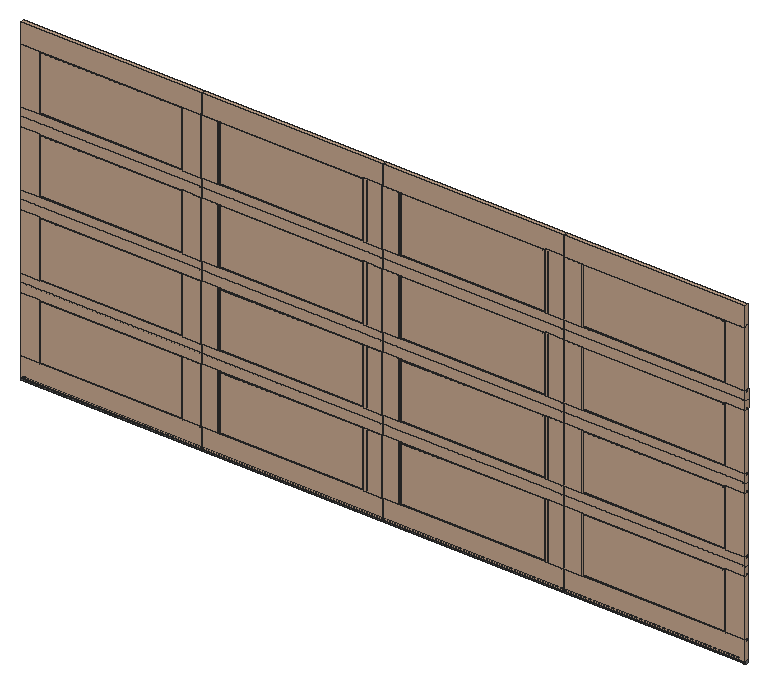
Revit family "GDBL 4V ARCBRN2", category Doors, host Wall, Revit 2024
Family settings
  Host = Wall
  OmniClass Number = 23.30.10.00
  OmniClass Title = Doors
  Always vertical = Yes
  Cut with Voids When Loaded = No
  Shared = No
  Room Calculation Point = No
Parameters
  Wall Opening [instance] = 4880 mm
  Function = Interior
  Frame Projection Ext. = 25 mm
  Frame Projection Int. = 25 mm
  Frame Width = 75 mm
  Height = 2135 mm
  Wall Closure = By host
  Width = 4880 mm
Reference planes
  plane 1: y = 0
  plane 2 "Center (Left/Right)": x = 0
  plane 3: z = 2135
  plane 4 "Exterior": y = 75
  plane 5 "Interior": y = -75
  plane 6 "Garage Bottom": y = 75
  plane 7 "Garage Left": x = 2470
  plane 8 "Garage Right": x = -2470
  plane 9: z = 19.954
  plane 10 "Garage Top": z = 2190
Forms (mm)
  Extrusion 1, solid, material "VERSAWOOD (TEST 2)"
    sketch origin (0, -40, 2189.454) x (0, -1, 0) y (0, 0, -1)
      loop
        line (75, 2169.454) -> (75, 2039.454) -> (80, 2039.454) -> (80, 2054.454) -> (90, 2054.454) -> (100, 2054.454) -> (100, 2039.454) -> (105, 2039.454) -> (105, 2169.454) -> (75, 2169.454)
    from -2470 to -1235
  Extrusion 2, solid, material "VERSAWOOD (TEST 2)"
    sketch origin (0, -40, 20.546) x (0, -1, 0) y (0, 0, -1)
      loop
        line (75, -2169.454) -> (105, -2169.454) -> (105, -2039.454) -> (100, -2039.454) -> (100, -2054.454) -> (90, -2054.454) -> (80, -2054.454) -> (80, -2039.454) -> (75, -2039.454) -> (75, -2169.454)
    from -2470 to -1235
  Extrusion 3, solid, material "VERSAWOOD (TEST)"
    sketch origin (2744.172, 260, 2019.5) x (0, -1, 0) y (-1, 0, 0)
      loop
        line (375, 274.172) -> (405, 274.172) -> (405, 404.172) -> (400, 404.172) -> (400, 389.172) -> (390, 389.172) -> (380, 389.172) -> (380, 404.172) -> (375, 404.172) -> (375, 274.172)
      loop
        line (375, 5214.172) -> (375, 5084.172) -> (380, 5084.172) -> (380, 5099.172) -> (390, 5099.172) -> (400, 5099.172) -> (400, 5084.172) -> (405, 5084.172) -> (405, 5214.172) -> (375, 5214.172)
      loop
        line (375, 3977.172) -> (375, 3854.172) -> (380, 3854.172) -> (380, 3869.172) -> (390, 3869.172) -> (400, 3869.172) -> (400, 3854.172) -> (405, 3854.172) -> (405, 3977.172) -> (403, 3979.172) -> (405, 3981.172) -> (405, 4104.172) -> (400, 4104.172) -> (400, 4089.172) -> (390, 4089.172) -> (380, 4089.172) -> (380, 4104.172) -> (375, 4104.172) -> (375, 3981.172) -> (377, 3979.172) -> (375, 3977.172)
      loop
        line (375, 2742.172) -> (375, 2619.172) -> (380, 2619.172) -> (380, 2634.172) -> (390, 2634.172) -> (400, 2634.172) -> (400, 2619.172) -> (405, 2619.172) -> (405, 2742.172) -> (403, 2744.172) -> (405, 2746.172) -> (405, 2869.172) -> (400, 2869.172) -> (400, 2854.172) -> (390, 2854.172) -> (380, 2854.172) -> (380, 2869.172) -> (375, 2869.172) -> (375, 2746.172) -> (377, 2744.172) -> (375, 2742.172)
      loop
        line (375, 1507.172) -> (375, 1384.172) -> (380, 1384.172) -> (380, 1399.172) -> (390, 1399.172) -> (400, 1399.172) -> (400, 1384.172) -> (405, 1384.172) -> (405, 1507.172) -> (403, 1509.172) -> (405, 1511.172) -> (405, 1634.172) -> (400, 1634.172) -> (400, 1619.172) -> (390, 1619.172) -> (380, 1619.172) -> (380, 1634.172) -> (375, 1634.172) -> (375, 1511.172) -> (377, 1509.172) -> (375, 1507.172)
    from -40.5 to 346
  Extrusion 4, solid, material "VERSAWOOD (TEST 2)"
    sketch origin (0, -40, -85.457) x (0, -1, 0) y (0, 0, -1)
      loop
        line (80, -1743.957) -> (100, -1743.957) -> (100, -1758.957) -> (105, -1758.957) -> (105, -1702.957) -> (103, -1702.957)
        arc (103, -1702.957) -> (102.106, -1702.832) -> (101.279, -1702.468) r 3.273
        line (101.279, -1702.468) -> (89.127, -1694.957) -> (75, -1694.957) -> (75, -1758.957) -> (80, -1758.957) -> (80, -1743.957)
      loop
        line (80, -1652.957) -> (80, -1637.957) -> (75, -1637.957) -> (75, -1693.957) -> (88.766, -1693.957)
        arc (88.766, -1693.957) -> (89.387, -1694.043) -> (89.961, -1694.296) r 2.273
        line (89.961, -1694.296) -> (101.805, -1701.617)
        arc (101.805, -1701.617) -> (102.379, -1701.87) -> (103, -1701.957) r 2.273
        line (103, -1701.957) -> (105, -1701.957) -> (105, -1637.957) -> (100, -1637.957) -> (100, -1652.957) -> (80, -1652.957)
    from -2470 to -1235
  Extrusion 5, solid, material "VERSAWOOD (TEST 2)"
    sketch origin (1235, -40, 20.546) x (0, -1, 0) y (0, 0, -1)
      loop
        line (75, -2169.454) -> (105, -2169.454) -> (105, -2039.454) -> (100, -2039.454) -> (100, -2054.454) -> (90, -2054.454) -> (80, -2054.454) -> (80, -2039.454) -> (75, -2039.454) -> (75, -2169.454)
    from -2470 to -1235
  Extrusion 6, solid, material "VERSAWOOD (TEST 2)"
    sketch origin (1235, -40, -85.457) x (0, -1, 0) y (0, 0, -1)
      loop
        line (80, -1743.957) -> (100, -1743.957) -> (100, -1758.957) -> (105, -1758.957) -> (105, -1702.957) -> (103, -1702.957)
        arc (103, -1702.957) -> (102.106, -1702.832) -> (101.279, -1702.468) r 3.273
        line (101.279, -1702.468) -> (89.127, -1694.957) -> (75, -1694.957) -> (75, -1758.957) -> (80, -1758.957) -> (80, -1743.957)
      loop
        line (80, -1652.957) -> (80, -1637.957) -> (75, -1637.957) -> (75, -1693.957) -> (88.766, -1693.957)
        arc (88.766, -1693.957) -> (89.387, -1694.043) -> (89.961, -1694.296) r 2.273
        line (89.961, -1694.296) -> (101.805, -1701.617)
        arc (101.805, -1701.617) -> (102.379, -1701.87) -> (103, -1701.957) r 2.273
        line (103, -1701.957) -> (105, -1701.957) -> (105, -1637.957) -> (100, -1637.957) -> (100, -1652.957) -> (80, -1652.957)
    from -2470 to -1235
  Extrusion 7, solid, material "VERSAWOOD (TEST 2)"
    sketch origin (2471, -40, 20.546) x (0, -1, 0) y (0, 0, -1)
      loop
        line (75, -2169.454) -> (105, -2169.454) -> (105, -2039.454) -> (100, -2039.454) -> (100, -2054.454) -> (90, -2054.454) -> (80, -2054.454) -> (80, -2039.454) -> (75, -2039.454) -> (75, -2169.454)
    from -2471 to -1236
  Extrusion 8, solid, material "VERSAWOOD (TEST 2)"
    sketch origin (2471, -40, -85.457) x (0, -1, 0) y (0, 0, -1)
      loop
        line (80, -1743.957) -> (100, -1743.957) -> (100, -1758.957) -> (105, -1758.957) -> (105, -1702.957) -> (103, -1702.957)
        arc (103, -1702.957) -> (102.106, -1702.832) -> (101.279, -1702.468) r 3.273
        line (101.279, -1702.468) -> (89.127, -1694.957) -> (75, -1694.957) -> (75, -1758.957) -> (80, -1758.957) -> (80, -1743.957)
      loop
        line (80, -1652.957) -> (80, -1637.957) -> (75, -1637.957) -> (75, -1693.957) -> (88.766, -1693.957)
        arc (88.766, -1693.957) -> (89.387, -1694.043) -> (89.961, -1694.296) r 2.273
        line (89.961, -1694.296) -> (101.805, -1701.617)
        arc (101.805, -1701.617) -> (102.379, -1701.87) -> (103, -1701.957) r 2.273
        line (103, -1701.957) -> (105, -1701.957) -> (105, -1637.957) -> (100, -1637.957) -> (100, -1652.957) -> (80, -1652.957)
    from -2471 to -1236
  Extrusion 9, solid, material "VERSAWOOD (TEST 2)"
    sketch origin (3700, -40, 20.546) x (0, -1, 0) y (0, 0, -1)
      loop
        line (75, -2169.454) -> (105, -2169.454) -> (105, -2039.454) -> (100, -2039.454) -> (100, -2054.454) -> (90, -2054.454) -> (80, -2054.454) -> (80, -2039.454) -> (75, -2039.454) -> (75, -2169.454)
    from -2465 to -1230
  Extrusion 10, solid, material "VERSAWOOD (TEST 2)"
    sketch origin (3700, -40, -85.457) x (0, -1, 0) y (0, 0, -1)
      loop
        line (80, -1743.957) -> (100, -1743.957) -> (100, -1758.957) -> (105, -1758.957) -> (105, -1702.957) -> (103, -1702.957)
        arc (103, -1702.957) -> (102.106, -1702.832) -> (101.279, -1702.468) r 3.273
        line (101.279, -1702.468) -> (89.127, -1694.957) -> (75, -1694.957) -> (75, -1758.957) -> (80, -1758.957) -> (80, -1743.957)
      loop
        line (80, -1652.957) -> (80, -1637.957) -> (75, -1637.957) -> (75, -1693.957) -> (88.766, -1693.957)
        arc (88.766, -1693.957) -> (89.387, -1694.043) -> (89.961, -1694.296) r 2.273
        line (89.961, -1694.296) -> (101.805, -1701.617)
        arc (101.805, -1701.617) -> (102.379, -1701.87) -> (103, -1701.957) r 2.273
        line (103, -1701.957) -> (105, -1701.957) -> (105, -1637.957) -> (100, -1637.957) -> (100, -1652.957) -> (80, -1652.957)
    from -2465 to -1230
  Extrusion 11, solid, material "VERSAWOOD (TEST)"
    sketch origin (2744.172, 260, 1512) x (0, -1, 0) y (-1, 0, 0)
      loop
        line (375, 274.172) -> (405, 274.172) -> (405, 404.172) -> (400, 404.172) -> (400, 389.172) -> (390, 389.172) -> (380, 389.172) -> (380, 404.172) -> (375, 404.172) -> (375, 274.172)
      loop
        line (375, 5214.172) -> (375, 5084.172) -> (380, 5084.172) -> (380, 5099.172) -> (390, 5099.172) -> (400, 5099.172) -> (400, 5084.172) -> (405, 5084.172) -> (405, 5214.172) -> (375, 5214.172)
      loop
        line (375, 3977.172) -> (375, 3854.172) -> (380, 3854.172) -> (380, 3869.172) -> (390, 3869.172) -> (400, 3869.172) -> (400, 3854.172) -> (405, 3854.172) -> (405, 3977.172) -> (403, 3979.172) -> (405, 3981.172) -> (405, 4104.172) -> (400, 4104.172) -> (400, 4089.172) -> (390, 4089.172) -> (380, 4089.172) -> (380, 4104.172) -> (375, 4104.172) -> (375, 3981.172) -> (377, 3979.172) -> (375, 3977.172)
      loop
        line (375, 2742.172) -> (375, 2619.172) -> (380, 2619.172) -> (380, 2634.172) -> (390, 2634.172) -> (400, 2634.172) -> (400, 2619.172) -> (405, 2619.172) -> (405, 2742.172) -> (403, 2744.172) -> (405, 2746.172) -> (405, 2869.172) -> (400, 2869.172) -> (400, 2854.172) -> (390, 2854.172) -> (380, 2854.172) -> (380, 2869.172) -> (375, 2869.172) -> (375, 2746.172) -> (377, 2744.172) -> (375, 2742.172)
      loop
        line (375, 1507.172) -> (375, 1384.172) -> (380, 1384.172) -> (380, 1399.172) -> (390, 1399.172) -> (400, 1399.172) -> (400, 1384.172) -> (405, 1384.172) -> (405, 1507.172) -> (403, 1509.172) -> (405, 1511.172) -> (405, 1634.172) -> (400, 1634.172) -> (400, 1619.172) -> (390, 1619.172) -> (380, 1619.172) -> (380, 1634.172) -> (375, 1634.172) -> (375, 1511.172) -> (377, 1509.172) -> (375, 1507.172)
    from -40.5 to 346
  Extrusion 12, solid, material "VERSAWOOD (TEST 2)"
    sketch origin (0, -40, -592.957) x (0, -1, 0) y (0, 0, -1)
      loop
        line (80, -1743.957) -> (100, -1743.957) -> (100, -1758.957) -> (105, -1758.957) -> (105, -1702.957) -> (103, -1702.957)
        arc (103, -1702.957) -> (102.106, -1702.832) -> (101.279, -1702.468) r 3.273
        line (101.279, -1702.468) -> (89.127, -1694.957) -> (75, -1694.957) -> (75, -1758.957) -> (80, -1758.957) -> (80, -1743.957)
      loop
        line (80, -1652.957) -> (80, -1637.957) -> (75, -1637.957) -> (75, -1693.957) -> (88.766, -1693.957)
        arc (88.766, -1693.957) -> (89.387, -1694.043) -> (89.961, -1694.296) r 2.273
        line (89.961, -1694.296) -> (101.805, -1701.617)
        arc (101.805, -1701.617) -> (102.379, -1701.87) -> (103, -1701.957) r 2.273
        line (103, -1701.957) -> (105, -1701.957) -> (105, -1637.957) -> (100, -1637.957) -> (100, -1652.957) -> (80, -1652.957)
    from -2470 to -1235
  Extrusion 13, solid, material "VERSAWOOD (TEST 2)"
    sketch origin (1235, -40, -592.957) x (0, -1, 0) y (0, 0, -1)
      loop
        line (80, -1743.957) -> (100, -1743.957) -> (100, -1758.957) -> (105, -1758.957) -> (105, -1702.957) -> (103, -1702.957)
        arc (103, -1702.957) -> (102.106, -1702.832) -> (101.279, -1702.468) r 3.273
        line (101.279, -1702.468) -> (89.127, -1694.957) -> (75, -1694.957) -> (75, -1758.957) -> (80, -1758.957) -> (80, -1743.957)
      loop
        line (80, -1652.957) -> (80, -1637.957) -> (75, -1637.957) -> (75, -1693.957) -> (88.766, -1693.957)
        arc (88.766, -1693.957) -> (89.387, -1694.043) -> (89.961, -1694.296) r 2.273
        line (89.961, -1694.296) -> (101.805, -1701.617)
        arc (101.805, -1701.617) -> (102.379, -1701.87) -> (103, -1701.957) r 2.273
        line (103, -1701.957) -> (105, -1701.957) -> (105, -1637.957) -> (100, -1637.957) -> (100, -1652.957) -> (80, -1652.957)
    from -2470 to -1235
  Extrusion 14, solid, material "VERSAWOOD (TEST 2)"
    sketch origin (2471, -40, -592.957) x (0, -1, 0) y (0, 0, -1)
      loop
        line (80, -1743.957) -> (100, -1743.957) -> (100, -1758.957) -> (105, -1758.957) -> (105, -1702.957) -> (103, -1702.957)
        arc (103, -1702.957) -> (102.106, -1702.832) -> (101.279, -1702.468) r 3.273
        line (101.279, -1702.468) -> (89.127, -1694.957) -> (75, -1694.957) -> (75, -1758.957) -> (80, -1758.957) -> (80, -1743.957)
      loop
        line (80, -1652.957) -> (80, -1637.957) -> (75, -1637.957) -> (75, -1693.957) -> (88.766, -1693.957)
        arc (88.766, -1693.957) -> (89.387, -1694.043) -> (89.961, -1694.296) r 2.273
        line (89.961, -1694.296) -> (101.805, -1701.617)
        arc (101.805, -1701.617) -> (102.379, -1701.87) -> (103, -1701.957) r 2.273
        line (103, -1701.957) -> (105, -1701.957) -> (105, -1637.957) -> (100, -1637.957) -> (100, -1652.957) -> (80, -1652.957)
    from -2471 to -1236
  Extrusion 15, solid, material "VERSAWOOD (TEST 2)"
    sketch origin (3700, -40, -592.957) x (0, -1, 0) y (0, 0, -1)
      loop
        line (80, -1743.957) -> (100, -1743.957) -> (100, -1758.957) -> (105, -1758.957) -> (105, -1702.957) -> (103, -1702.957)
        arc (103, -1702.957) -> (102.106, -1702.832) -> (101.279, -1702.468) r 3.273
        line (101.279, -1702.468) -> (89.127, -1694.957) -> (75, -1694.957) -> (75, -1758.957) -> (80, -1758.957) -> (80, -1743.957)
      loop
        line (80, -1652.957) -> (80, -1637.957) -> (75, -1637.957) -> (75, -1693.957) -> (88.766, -1693.957)
        arc (88.766, -1693.957) -> (89.387, -1694.043) -> (89.961, -1694.296) r 2.273
        line (89.961, -1694.296) -> (101.805, -1701.617)
        arc (101.805, -1701.617) -> (102.379, -1701.87) -> (103, -1701.957) r 2.273
        line (103, -1701.957) -> (105, -1701.957) -> (105, -1637.957) -> (100, -1637.957) -> (100, -1652.957) -> (80, -1652.957)
    from -2465 to -1230
  Extrusion 16, solid, material "VERSAWOOD (TEST)"
    sketch origin (2744.172, 260, 1004) x (0, -1, 0) y (-1, 0, 0)
      loop
        line (375, 274.172) -> (405, 274.172) -> (405, 404.172) -> (400, 404.172) -> (400, 389.172) -> (390, 389.172) -> (380, 389.172) -> (380, 404.172) -> (375, 404.172) -> (375, 274.172)
      loop
        line (375, 5214.172) -> (375, 5084.172) -> (380, 5084.172) -> (380, 5099.172) -> (390, 5099.172) -> (400, 5099.172) -> (400, 5084.172) -> (405, 5084.172) -> (405, 5214.172) -> (375, 5214.172)
      loop
        line (375, 3977.172) -> (375, 3854.172) -> (380, 3854.172) -> (380, 3869.172) -> (390, 3869.172) -> (400, 3869.172) -> (400, 3854.172) -> (405, 3854.172) -> (405, 3977.172) -> (403, 3979.172) -> (405, 3981.172) -> (405, 4104.172) -> (400, 4104.172) -> (400, 4089.172) -> (390, 4089.172) -> (380, 4089.172) -> (380, 4104.172) -> (375, 4104.172) -> (375, 3981.172) -> (377, 3979.172) -> (375, 3977.172)
      loop
        line (375, 2742.172) -> (375, 2619.172) -> (380, 2619.172) -> (380, 2634.172) -> (390, 2634.172) -> (400, 2634.172) -> (400, 2619.172) -> (405, 2619.172) -> (405, 2742.172) -> (403, 2744.172) -> (405, 2746.172) -> (405, 2869.172) -> (400, 2869.172) -> (400, 2854.172) -> (390, 2854.172) -> (380, 2854.172) -> (380, 2869.172) -> (375, 2869.172) -> (375, 2746.172) -> (377, 2744.172) -> (375, 2742.172)
      loop
        line (375, 1507.172) -> (375, 1384.172) -> (380, 1384.172) -> (380, 1399.172) -> (390, 1399.172) -> (400, 1399.172) -> (400, 1384.172) -> (405, 1384.172) -> (405, 1507.172) -> (403, 1509.172) -> (405, 1511.172) -> (405, 1634.172) -> (400, 1634.172) -> (400, 1619.172) -> (390, 1619.172) -> (380, 1619.172) -> (380, 1634.172) -> (375, 1634.172) -> (375, 1511.172) -> (377, 1509.172) -> (375, 1507.172)
    from -41 to 346
  Extrusion 17, solid, material "VERSAWOOD (TEST 2)"
    sketch origin (0, -40, -1100.957) x (0, -1, 0) y (0, 0, -1)
      loop
        line (80, -1743.957) -> (100, -1743.957) -> (100, -1758.957) -> (105, -1758.957) -> (105, -1702.957) -> (103, -1702.957)
        arc (103, -1702.957) -> (102.106, -1702.832) -> (101.279, -1702.468) r 3.273
        line (101.279, -1702.468) -> (89.127, -1694.957) -> (75, -1694.957) -> (75, -1758.957) -> (80, -1758.957) -> (80, -1743.957)
      loop
        line (80, -1652.957) -> (80, -1637.957) -> (75, -1637.957) -> (75, -1693.957) -> (88.766, -1693.957)
        arc (88.766, -1693.957) -> (89.387, -1694.043) -> (89.961, -1694.296) r 2.273
        line (89.961, -1694.296) -> (101.805, -1701.617)
        arc (101.805, -1701.617) -> (102.379, -1701.87) -> (103, -1701.957) r 2.273
        line (103, -1701.957) -> (105, -1701.957) -> (105, -1637.957) -> (100, -1637.957) -> (100, -1652.957) -> (80, -1652.957)
    from -2470 to -1235
  Extrusion 18, solid, material "VERSAWOOD (TEST 2)"
    sketch origin (1235, -40, -1100.957) x (0, -1, 0) y (0, 0, -1)
      loop
        line (80, -1743.957) -> (100, -1743.957) -> (100, -1758.957) -> (105, -1758.957) -> (105, -1702.957) -> (103, -1702.957)
        arc (103, -1702.957) -> (102.106, -1702.832) -> (101.279, -1702.468) r 3.273
        line (101.279, -1702.468) -> (89.127, -1694.957) -> (75, -1694.957) -> (75, -1758.957) -> (80, -1758.957) -> (80, -1743.957)
      loop
        line (80, -1652.957) -> (80, -1637.957) -> (75, -1637.957) -> (75, -1693.957) -> (88.766, -1693.957)
        arc (88.766, -1693.957) -> (89.387, -1694.043) -> (89.961, -1694.296) r 2.273
        line (89.961, -1694.296) -> (101.805, -1701.617)
        arc (101.805, -1701.617) -> (102.379, -1701.87) -> (103, -1701.957) r 2.273
        line (103, -1701.957) -> (105, -1701.957) -> (105, -1637.957) -> (100, -1637.957) -> (100, -1652.957) -> (80, -1652.957)
    from -2470 to -1235
  Extrusion 19, solid, material "VERSAWOOD (TEST 2)"
    sketch origin (2471, -40, -1100.957) x (0, -1, 0) y (0, 0, -1)
      loop
        line (80, -1743.957) -> (100, -1743.957) -> (100, -1758.957) -> (105, -1758.957) -> (105, -1702.957) -> (103, -1702.957)
        arc (103, -1702.957) -> (102.106, -1702.832) -> (101.279, -1702.468) r 3.273
        line (101.279, -1702.468) -> (89.127, -1694.957) -> (75, -1694.957) -> (75, -1758.957) -> (80, -1758.957) -> (80, -1743.957)
      loop
        line (80, -1652.957) -> (80, -1637.957) -> (75, -1637.957) -> (75, -1693.957) -> (88.766, -1693.957)
        arc (88.766, -1693.957) -> (89.387, -1694.043) -> (89.961, -1694.296) r 2.273
        line (89.961, -1694.296) -> (101.805, -1701.617)
        arc (101.805, -1701.617) -> (102.379, -1701.87) -> (103, -1701.957) r 2.273
        line (103, -1701.957) -> (105, -1701.957) -> (105, -1637.957) -> (100, -1637.957) -> (100, -1652.957) -> (80, -1652.957)
    from -2471 to -1236
  Extrusion 20, solid, material "VERSAWOOD (TEST 2)"
    sketch origin (3700, -40, -1100.957) x (0, -1, 0) y (0, 0, -1)
      loop
        line (80, -1743.957) -> (100, -1743.957) -> (100, -1758.957) -> (105, -1758.957) -> (105, -1702.957) -> (103, -1702.957)
        arc (103, -1702.957) -> (102.106, -1702.832) -> (101.279, -1702.468) r 3.273
        line (101.279, -1702.468) -> (89.127, -1694.957) -> (75, -1694.957) -> (75, -1758.957) -> (80, -1758.957) -> (80, -1743.957)
      loop
        line (80, -1652.957) -> (80, -1637.957) -> (75, -1637.957) -> (75, -1693.957) -> (88.766, -1693.957)
        arc (88.766, -1693.957) -> (89.387, -1694.043) -> (89.961, -1694.296) r 2.273
        line (89.961, -1694.296) -> (101.805, -1701.617)
        arc (101.805, -1701.617) -> (102.379, -1701.87) -> (103, -1701.957) r 2.273
        line (103, -1701.957) -> (105, -1701.957) -> (105, -1637.957) -> (100, -1637.957) -> (100, -1652.957) -> (80, -1652.957)
    from -2465 to -1230
  Extrusion 21, solid, material "VERSAWOOD (TEST)"
    sketch origin (2744.172, 260, 496) x (0, -1, 0) y (-1, 0, 0)
      loop
        line (375, 274.172) -> (405, 274.172) -> (405, 404.172) -> (400, 404.172) -> (400, 389.172) -> (390, 389.172) -> (380, 389.172) -> (380, 404.172) -> (375, 404.172) -> (375, 274.172)
      loop
        line (375, 5214.172) -> (375, 5084.172) -> (380, 5084.172) -> (380, 5099.172) -> (390, 5099.172) -> (400, 5099.172) -> (400, 5084.172) -> (405, 5084.172) -> (405, 5214.172) -> (375, 5214.172)
      loop
        line (375, 3977.172) -> (375, 3854.172) -> (380, 3854.172) -> (380, 3869.172) -> (390, 3869.172) -> (400, 3869.172) -> (400, 3854.172) -> (405, 3854.172) -> (405, 3977.172) -> (403, 3979.172) -> (405, 3981.172) -> (405, 4104.172) -> (400, 4104.172) -> (400, 4089.172) -> (390, 4089.172) -> (380, 4089.172) -> (380, 4104.172) -> (375, 4104.172) -> (375, 3981.172) -> (377, 3979.172) -> (375, 3977.172)
      loop
        line (375, 2742.172) -> (375, 2619.172) -> (380, 2619.172) -> (380, 2634.172) -> (390, 2634.172) -> (400, 2634.172) -> (400, 2619.172) -> (405, 2619.172) -> (405, 2742.172) -> (403, 2744.172) -> (405, 2746.172) -> (405, 2869.172) -> (400, 2869.172) -> (400, 2854.172) -> (390, 2854.172) -> (380, 2854.172) -> (380, 2869.172) -> (375, 2869.172) -> (375, 2746.172) -> (377, 2744.172) -> (375, 2742.172)
      loop
        line (375, 1507.172) -> (375, 1384.172) -> (380, 1384.172) -> (380, 1399.172) -> (390, 1399.172) -> (400, 1399.172) -> (400, 1384.172) -> (405, 1384.172) -> (405, 1507.172) -> (403, 1509.172) -> (405, 1511.172) -> (405, 1634.172) -> (400, 1634.172) -> (400, 1619.172) -> (390, 1619.172) -> (380, 1619.172) -> (380, 1634.172) -> (375, 1634.172) -> (375, 1511.172) -> (377, 1509.172) -> (375, 1507.172)
    from -41 to 346
  Extrusion 22, solid, material "VERSAWOOD (TEST 2)"
    sketch origin (1230, -40, 2189.454) x (0, -1, 0) y (0, 0, -1)
      loop
        line (75, 2169.454) -> (75, 2039.454) -> (80, 2039.454) -> (80, 2054.454) -> (90, 2054.454) -> (100, 2054.454) -> (100, 2039.454) -> (105, 2039.454) -> (105, 2169.454) -> (75, 2169.454)
    from -2465 to -1230
  Extrusion 23, solid, material "VERSAWOOD (TEST 2)"
    sketch origin (0, -40, 2189.454) x (0, -1, 0) y (0, 0, 1)
      loop
        line (75, -2169.454) -> (105, -2169.454) -> (105, -2039.454) -> (100, -2039.454) -> (100, -2054.454) -> (90, -2054.454) -> (80, -2054.454) -> (80, -2039.454) -> (75, -2039.454) -> (75, -2169.454)
    from -2470 to -1235
  Extrusion 24, solid, material "VERSAWOOD (TEST 2)"
    sketch origin (-1230, -40, 2189.454) x (0, -1, 0) y (0, 0, 1)
      loop
        line (75, -2169.454) -> (105, -2169.454) -> (105, -2039.454) -> (100, -2039.454) -> (100, -2054.454) -> (90, -2054.454) -> (80, -2054.454) -> (80, -2039.454) -> (75, -2039.454) -> (75, -2169.454)
    from -2465 to -1230
  Extrusion 25, void
    sketch origin (-2470, -40, 20) x (0, 1, 0) y (0, 0, 1)
      loop
        line (-80, 517) -> (-80, 509) -> (-77, 509) -> (-77, 517) -> (-80, 517)
      loop
        line (-103, 517) -> (-103, 509) -> (-100, 509) -> (-100, 517) -> (-103, 517)
      loop
        line (-80, 138) -> (-80, 130) -> (-77, 130) -> (-77, 138) -> (-80, 138)
      loop
        line (-103, 138) -> (-103, 130) -> (-100, 130) -> (-100, 138) -> (-103, 138)
    from 130 to 1110
  Extrusion 26, void
    sketch origin (-1240, -40, 20) x (0, 1, 0) y (0, 0, 1)
      loop
        line (-80, 517) -> (-80, 509) -> (-77, 509) -> (-77, 517) -> (-80, 517)
      loop
        line (-103, 517) -> (-103, 509) -> (-100, 509) -> (-100, 517) -> (-103, 517)
      loop
        line (-80, 138) -> (-80, 130) -> (-77, 130) -> (-77, 138) -> (-80, 138)
      loop
        line (-103, 138) -> (-103, 130) -> (-100, 130) -> (-100, 138) -> (-103, 138)
    from 130 to 1115
  Extrusion 27, void
    sketch origin (-5, -40, 20) x (0, 1, 0) y (0, 0, 1)
      loop
        line (-80, 517) -> (-80, 509) -> (-77, 509) -> (-77, 517) -> (-80, 517)
      loop
        line (-103, 517) -> (-103, 509) -> (-100, 509) -> (-100, 517) -> (-103, 517)
      loop
        line (-80, 138) -> (-80, 130) -> (-77, 130) -> (-77, 138) -> (-80, 138)
      loop
        line (-103, 138) -> (-103, 130) -> (-100, 130) -> (-100, 138) -> (-103, 138)
    from 130 to 1115
  Extrusion 28, void
    sketch origin (1230, -40, 20) x (0, 1, 0) y (0, 0, 1)
      loop
        line (-80, 517) -> (-80, 509) -> (-77, 509) -> (-77, 517) -> (-80, 517)
      loop
        line (-103, 517) -> (-103, 509) -> (-100, 509) -> (-100, 517) -> (-103, 517)
      loop
        line (-80, 138) -> (-80, 130) -> (-77, 130) -> (-77, 138) -> (-80, 138)
      loop
        line (-103, 138) -> (-103, 130) -> (-100, 130) -> (-100, 138) -> (-103, 138)
    from 130 to 1110
  Extrusion 29, solid, material "VERSAWOOD (TEST 2)"
    sketch origin (-2470, -40, 1543) x (1, 0, 0) y (0, 1, 0)
      loop
        line (115, -80) -> (115, -100) -> (138, -100) -> (138, -103) -> (1102, -103) -> (1102, -100) -> (1125, -100) -> (1125, -80) -> (1102, -80) -> (1102, -77) -> (138, -77) -> (138, -80) -> (115, -80)
      loop
        line (4825, -80) -> (4802, -80) -> (4802, -77) -> (3838, -77) -> (3838, -80) -> (3815, -80) -> (3815, -100) -> (3838, -100) -> (3838, -103) -> (4802, -103) -> (4802, -100) -> (4825, -100) -> (4825, -80)
      loop
        line (3595, -80) -> (3572, -80) -> (3572, -77) -> (2603, -77) -> (2603, -80) -> (2580, -80) -> (2580, -100) -> (2603, -100) -> (2603, -103) -> (3572, -103) -> (3572, -100) -> (3595, -100) -> (3595, -80)
      loop
        line (2360, -80) -> (2337, -80) -> (2337, -77) -> (1368, -77) -> (1368, -80) -> (1345, -80) -> (1345, -100) -> (1368, -100) -> (1368, -103) -> (2337, -103) -> (2337, -100) -> (2360, -100) -> (2360, -80)
    from 130.5 to 517
  Extrusion 30, void
    sketch origin (1230, -40, 528) x (0, 1, 0) y (0, 0, 1)
      loop
        line (-80, 517) -> (-80, 509) -> (-77, 509) -> (-77, 517) -> (-80, 517)
      loop
        line (-103, 517) -> (-103, 509) -> (-100, 509) -> (-100, 517) -> (-103, 517)
      loop
        line (-80, 138) -> (-80, 130) -> (-77, 130) -> (-77, 138) -> (-80, 138)
      loop
        line (-103, 138) -> (-103, 130) -> (-100, 130) -> (-100, 138) -> (-103, 138)
    from 130 to 1110
  Extrusion 31, void
    sketch origin (1230, -40, 1035.5) x (0, 1, 0) y (0, 0, 1)
      loop
        line (-80, 517) -> (-80, 509) -> (-77, 509) -> (-77, 517) -> (-80, 517)
      loop
        line (-103, 517) -> (-103, 509) -> (-100, 509) -> (-100, 517) -> (-103, 517)
      loop
        line (-80, 138) -> (-80, 130) -> (-77, 130) -> (-77, 138) -> (-80, 138)
      loop
        line (-103, 138) -> (-103, 130) -> (-100, 130) -> (-100, 138) -> (-103, 138)
    from 130 to 1110
  Extrusion 32, void
    sketch origin (1230, -40, 1543) x (0, 1, 0) y (0, 0, 1)
      loop
        line (-80, 517) -> (-80, 509) -> (-77, 509) -> (-77, 517) -> (-80, 517)
      loop
        line (-103, 517) -> (-103, 509) -> (-100, 509) -> (-100, 517) -> (-103, 517)
      loop
        line (-80, 138) -> (-80, 130) -> (-77, 130) -> (-77, 138) -> (-80, 138)
      loop
        line (-103, 138) -> (-103, 130) -> (-100, 130) -> (-100, 138) -> (-103, 138)
    from 130 to 1110
  Extrusion 33, void
    sketch origin (-2470, -40, 528) x (0, 1, 0) y (0, 0, 1)
      loop
        line (-80, 517) -> (-80, 509) -> (-77, 509) -> (-77, 517) -> (-80, 517)
      loop
        line (-103, 517) -> (-103, 509) -> (-100, 509) -> (-100, 517) -> (-103, 517)
      loop
        line (-80, 138) -> (-80, 130) -> (-77, 130) -> (-77, 138) -> (-80, 138)
      loop
        line (-103, 138) -> (-103, 130) -> (-100, 130) -> (-100, 138) -> (-103, 138)
    from 130 to 1110
  Extrusion 34, void
    sketch origin (-1240, -40, 528) x (0, 1, 0) y (0, 0, 1)
      loop
        line (-80, 517) -> (-80, 509) -> (-77, 509) -> (-77, 517) -> (-80, 517)
      loop
        line (-103, 517) -> (-103, 509) -> (-100, 509) -> (-100, 517) -> (-103, 517)
      loop
        line (-80, 138) -> (-80, 130) -> (-77, 130) -> (-77, 138) -> (-80, 138)
      loop
        line (-103, 138) -> (-103, 130) -> (-100, 130) -> (-100, 138) -> (-103, 138)
    from 130 to 1115
  Extrusion 35, void
    sketch origin (-5, -40, 528) x (0, 1, 0) y (0, 0, 1)
      loop
        line (-80, 517) -> (-80, 509) -> (-77, 509) -> (-77, 517) -> (-80, 517)
      loop
        line (-103, 517) -> (-103, 509) -> (-100, 509) -> (-100, 517) -> (-103, 517)
      loop
        line (-80, 138) -> (-80, 130) -> (-77, 130) -> (-77, 138) -> (-80, 138)
      loop
        line (-103, 138) -> (-103, 130) -> (-100, 130) -> (-100, 138) -> (-103, 138)
    from 130 to 1115
  Extrusion 36, void
    sketch origin (-5, -40, 1035.5) x (0, 1, 0) y (0, 0, 1)
      loop
        line (-80, 517) -> (-80, 509) -> (-77, 509) -> (-77, 517) -> (-80, 517)
      loop
        line (-103, 517) -> (-103, 509) -> (-100, 509) -> (-100, 517) -> (-103, 517)
      loop
        line (-80, 138) -> (-80, 130) -> (-77, 130) -> (-77, 138) -> (-80, 138)
      loop
        line (-103, 138) -> (-103, 130) -> (-100, 130) -> (-100, 138) -> (-103, 138)
    from 130 to 1115
  Extrusion 37, void
    sketch origin (-2470, -40, 1543) x (0, 1, 0) y (0, 0, 1)
      loop
        line (-80, 517) -> (-80, 509) -> (-77, 509) -> (-77, 517) -> (-80, 517)
      loop
        line (-103, 517) -> (-103, 509) -> (-100, 509) -> (-100, 517) -> (-103, 517)
      loop
        line (-80, 138) -> (-80, 130) -> (-77, 130) -> (-77, 138) -> (-80, 138)
      loop
        line (-103, 138) -> (-103, 130) -> (-100, 130) -> (-100, 138) -> (-103, 138)
    from 130 to 1110
  Extrusion 38, void
    sketch origin (-1240, -40, 1543) x (0, 1, 0) y (0, 0, 1)
      loop
        line (-80, 517) -> (-80, 509) -> (-77, 509) -> (-77, 517) -> (-80, 517)
      loop
        line (-103, 517) -> (-103, 509) -> (-100, 509) -> (-100, 517) -> (-103, 517)
      loop
        line (-80, 138) -> (-80, 130) -> (-77, 130) -> (-77, 138) -> (-80, 138)
      loop
        line (-103, 138) -> (-103, 130) -> (-100, 130) -> (-100, 138) -> (-103, 138)
    from 130 to 1115
  Extrusion 39, void
    sketch origin (-5, -40, 1543) x (0, 1, 0) y (0, 0, 1)
      loop
        line (-80, 517) -> (-80, 509) -> (-77, 509) -> (-77, 517) -> (-80, 517)
      loop
        line (-103, 517) -> (-103, 509) -> (-100, 509) -> (-100, 517) -> (-103, 517)
      loop
        line (-80, 138) -> (-80, 130) -> (-77, 130) -> (-77, 138) -> (-80, 138)
      loop
        line (-103, 138) -> (-103, 130) -> (-100, 130) -> (-100, 138) -> (-103, 138)
    from 130 to 1115
  Extrusion 40, solid, material "STEEL POWDERCOATED"
    sketch origin (1298.5, -115, 798.467) x (1, 0, 0) y (0, 0, -1)
      loop
        line (27.5, -274.033) -> (27.5, -219.033) -> (-27.5, -219.033) -> (-27.5, -274.033) -> (27.5, -274.033)
    from 0 to 5
  Revolve 41, solid, material "STEEL POWDERCOATED"
    sketch origin (1298.5, -152.794, 993.467) x (1, 0, 0) y (0, 1, 0)
      loop
        circle (-52.591, 49.785) r 6.993
      axis (0, 49.785) -> (0, 50.785)
    angle from 0 to 360
  Extrusion 42, solid, material "STEEL POWDERCOATED"
    sketch origin (1171.5, -115, 798.467) x (1, 0, 0) y (0, 0, -1)
      loop
        line (27.5, -274.033) -> (27.5, -219.033) -> (-27.5, -219.033) -> (-27.5, -274.033) -> (27.5, -274.033)
    from 0 to 5
  Extrusion 43, void
    sketch origin (1171.5, -115, 121.13) x (1, 0, 0) y (0, 0, -1)
      loop
        circle (0, -942.37) r 4
      loop
        circle (0, -905.37) r 4
    from 0 to 5
  Revolve 44, solid, material "STEEL POWDERCOATED"
    sketch origin (1171.5, -152.794, 993.467) x (1, 0, 0) y (0, 1, 0)
      loop
        circle (-52.591, 49.785) r 6.993
      axis (0, 49.785) -> (0, 50.785)
    angle from 0 to 360
  Extrusion 45, solid, material "STEEL POWDERCOATED"
    sketch origin (-1171.5, -115, 798.467) x (1, 0, 0) y (0, 0, -1)
      loop
        line (27.5, -274.033) -> (27.5, -219.033) -> (-27.5, -219.033) -> (-27.5, -274.033) -> (27.5, -274.033)
    from 0 to 5
  Extrusion 46, void
    sketch origin (-1171.5, -115, 121.13) x (1, 0, 0) y (0, 0, -1)
      loop
        circle (0, -942.37) r 4
      loop
        circle (0, -905.37) r 4
    from 0 to 5
  Revolve 47, solid, material "STEEL POWDERCOATED"
    sketch origin (-1171.5, -152.794, 993.467) x (1, 0, 0) y (0, 1, 0)
      loop
        circle (-52.591, 49.785) r 6.993
      axis (0, 49.785) -> (0, 50.785)
    angle from 0 to 360
  Extrusion 48, solid, material "STEEL POWDERCOATED"
    sketch origin (-1298.5, -115, 798.467) x (1, 0, 0) y (0, 0, -1)
      loop
        line (27.5, -274.033) -> (27.5, -219.033) -> (-27.5, -219.033) -> (-27.5, -274.033) -> (27.5, -274.033)
    from 0 to 5
  Extrusion 49, void
    sketch origin (-1298.5, -115, 121.13) x (1, 0, 0) y (0, 0, -1)
      loop
        circle (0, -942.37) r 4
      loop
        circle (0, -905.37) r 4
    from 0 to 5
  Revolve 50, solid, material "STEEL POWDERCOATED"
    sketch origin (-1298.5, -152.794, 993.467) x (1, 0, 0) y (0, 1, 0)
      loop
        circle (-52.591, 49.785) r 6.993
      axis (0, 49.785) -> (0, 50.785)
    angle from 0 to 360
  Extrusion 51, solid, material "C88 BOARD"
    sketch origin (-1977.218, -109, -1754.548) x (1, 0, 0) y (0, 0, 1)
      loop
        arc (4307.396, 2408.465) -> (4306.641, 2408.368) -> (4305.935, 2408.085) r 3
        line (4305.935, 2408.085) -> (4297.895, 2403.601) -> (4293.952, 2401.704)
        arc (4293.952, 2401.704) -> (4288.7, 2400.924) -> (4284.002, 2403.397) r 8.539
        arc (4284.002, 2403.397) -> (4283.286, 2403.871) -> (4282.438, 2404.001) r 2
        line (4282.438, 2404.001) -> (4060.452, 2389.748)
        arc (4060.452, 2389.748) -> (4055.734, 2390.597) -> (4051.953, 2393.543) r 10
        arc (4051.953, 2393.543) -> (4039.531, 2401.083) -> (4025.211, 2398.608) r 20.716
        line (4025.211, 2398.608) -> (3992.206, 2380.548) -> (4025.211, 2362.488)
        arc (4025.211, 2362.488) -> (4039.531, 2360.013) -> (4051.953, 2367.554) r 20.716
        arc (4051.953, 2367.554) -> (4055.734, 2370.5) -> (4060.452, 2371.348) r 10
        line (4060.452, 2371.348) -> (4282.438, 2357.095)
        arc (4282.438, 2357.095) -> (4283.286, 2357.225) -> (4284.002, 2357.699) r 2
        arc (4284.002, 2357.699) -> (4288.7, 2360.173) -> (4293.952, 2359.392) r 8.539
        line (4293.952, 2359.392) -> (4297.895, 2357.495) -> (4305.935, 2353.011)
        arc (4305.935, 2353.011) -> (4306.641, 2352.728) -> (4307.396, 2352.631) r 3
        line (4307.396, 2352.631) -> (4392.218, 2352.631) -> (4392.218, 2408.465) -> (4307.396, 2408.465)
      loop
        circle (4182.376, 2380.548) r 4.143
      loop
        circle (4035.037, 2380.548) r 4
      loop
        circle (4329.716, 2380.548) r 4
    from 0 to 6
  Extrusion 52, void
    sketch origin (-1969.246, -109, -1834.384) x (0, 1, 0) y (0, 0, 1)
      loop
        line (0, 2471.8) -> (0, 2474.8) -> (-1.5, 2473.3) -> (0, 2471.8)
      loop
        line (0, 2448.967) -> (-1.5, 2447.467) -> (0, 2445.967) -> (0, 2448.967)
    from 4354.246 to 4384.246
  Extrusion 53, void
    sketch origin (-3572.077, -109, 176.461) x (1, 0, 0) y (0, 1, 0)
      loop
        line (5957.077, -1.5) -> (5957.077, 0) -> (5956.211, 0) -> (5957.077, -1.5)
    from 421.622 to 477.455
  Extrusion 54, solid, material "STEEL POWEDERCOATED"
    sketch origin (-3597.419, -104, 270.123) x (1, 0, 0) y (0, 0, 1)
      loop
        line (5956.417, 359.63) -> (5949.917, 363.383) -> (5943.417, 359.63) -> (5943.417, 352.124) -> (5949.917, 348.372) -> (5956.417, 352.124) -> (5956.417, 359.63)
    from 0 to 5
  Extrusion 55, solid, material "STEEL POWEDERCOATED"
    sketch origin (-3744.872, -104, 270.123) x (1, 0, 0) y (0, 0, 1)
      loop
        line (5956.417, 359.63) -> (5949.917, 363.383) -> (5943.417, 359.63) -> (5943.417, 352.124) -> (5949.917, 348.372) -> (5956.417, 352.124) -> (5956.417, 359.63)
    from 0 to 5
  Extrusion 56, solid, material "STEEL POWEDERCOATED"
    sketch origin (-3892.098, -104, 270.123) x (1, 0, 0) y (0, 0, 1)
      loop
        line (5956.417, 359.63) -> (5949.917, 363.383) -> (5943.417, 359.63) -> (5943.417, 352.124) -> (5949.917, 348.372) -> (5956.417, 352.124) -> (5956.417, 359.63)
    from 0 to 5
  Extrusion 57, solid, material "C88 BOARD"
    sketch origin (-1977.218, -109, -739.048) x (1, 0, 0) y (0, 0, 1)
      loop
        arc (4307.396, 2408.465) -> (4306.641, 2408.368) -> (4305.935, 2408.085) r 3
        line (4305.935, 2408.085) -> (4297.895, 2403.601) -> (4293.952, 2401.704)
        arc (4293.952, 2401.704) -> (4288.7, 2400.924) -> (4284.002, 2403.397) r 8.539
        arc (4284.002, 2403.397) -> (4283.286, 2403.871) -> (4282.438, 2404.001) r 2
        line (4282.438, 2404.001) -> (4060.452, 2389.748)
        arc (4060.452, 2389.748) -> (4055.734, 2390.597) -> (4051.953, 2393.543) r 10
        arc (4051.953, 2393.543) -> (4039.531, 2401.083) -> (4025.211, 2398.608) r 20.716
        line (4025.211, 2398.608) -> (3992.206, 2380.548) -> (4025.211, 2362.488)
        arc (4025.211, 2362.488) -> (4039.531, 2360.013) -> (4051.953, 2367.554) r 20.716
        arc (4051.953, 2367.554) -> (4055.734, 2370.5) -> (4060.452, 2371.348) r 10
        line (4060.452, 2371.348) -> (4282.438, 2357.095)
        arc (4282.438, 2357.095) -> (4283.286, 2357.225) -> (4284.002, 2357.699) r 2
        arc (4284.002, 2357.699) -> (4288.7, 2360.173) -> (4293.952, 2359.392) r 8.539
        line (4293.952, 2359.392) -> (4297.895, 2357.495) -> (4305.935, 2353.011)
        arc (4305.935, 2353.011) -> (4306.641, 2352.728) -> (4307.396, 2352.631) r 3
        line (4307.396, 2352.631) -> (4392.218, 2352.631) -> (4392.218, 2408.465) -> (4307.396, 2408.465)
      loop
        circle (4182.376, 2380.548) r 4.143
      loop
        circle (4035.037, 2380.548) r 4
      loop
        circle (4329.716, 2380.548) r 4
    from 0 to 6
  Extrusion 58, void
    sketch origin (-1969.246, -109, -818.884) x (0, 1, 0) y (0, 0, 1)
      loop
        line (0, 2471.8) -> (0, 2474.8) -> (-1.5, 2473.3) -> (0, 2471.8)
      loop
        line (0, 2448.967) -> (-1.5, 2447.467) -> (0, 2445.967) -> (0, 2448.967)
    from 4354.246 to 4384.246
  Extrusion 59, void
    sketch origin (-3572.077, -109, 1191.961) x (1, 0, 0) y (0, 1, 0)
      loop
        line (5957.077, -1.5) -> (5957.077, 0) -> (5956.211, 0) -> (5957.077, -1.5)
    from 421.622 to 477.455
  Extrusion 60, solid, material "STEEL POWEDERCOATED"
    sketch origin (-3597.419, -104, 1285.623) x (1, 0, 0) y (0, 0, 1)
      loop
        line (5956.417, 359.63) -> (5949.917, 363.383) -> (5943.417, 359.63) -> (5943.417, 352.124) -> (5949.917, 348.372) -> (5956.417, 352.124) -> (5956.417, 359.63)
    from 0 to 5
  Extrusion 61, solid, material "STEEL POWEDERCOATED"
    sketch origin (-3744.872, -104, 1285.623) x (1, 0, 0) y (0, 0, 1)
      loop
        line (5956.417, 359.63) -> (5949.917, 363.383) -> (5943.417, 359.63) -> (5943.417, 352.124) -> (5949.917, 348.372) -> (5956.417, 352.124) -> (5956.417, 359.63)
    from 0 to 5
  Extrusion 62, solid, material "STEEL POWEDERCOATED"
    sketch origin (-3892.098, -104, 1285.623) x (1, 0, 0) y (0, 0, 1)
      loop
        line (5956.417, 359.63) -> (5949.917, 363.383) -> (5943.417, 359.63) -> (5943.417, 352.124) -> (5949.917, 348.372) -> (5956.417, 352.124) -> (5956.417, 359.63)
    from 0 to 5
  Extrusion 63, solid, material "C88 BOARD"
    sketch origin (4447.218, -109, -1754.548) x (-1, 0, 0) y (0, 0, -1)
      loop
        line (4307.396, -2408.465) -> (4392.218, -2408.465) -> (4392.218, -2352.631) -> (4307.396, -2352.631)
        arc (4307.396, -2352.631) -> (4306.641, -2352.728) -> (4305.935, -2353.011) r 3
        line (4305.935, -2353.011) -> (4297.895, -2357.495) -> (4293.952, -2359.392)
        arc (4293.952, -2359.392) -> (4288.7, -2360.173) -> (4284.002, -2357.699) r 8.539
        arc (4284.002, -2357.699) -> (4283.286, -2357.225) -> (4282.438, -2357.095) r 2
        line (4282.438, -2357.095) -> (4060.452, -2371.348)
        arc (4060.452, -2371.348) -> (4055.734, -2370.5) -> (4051.953, -2367.554) r 10
        arc (4051.953, -2367.554) -> (4039.531, -2360.013) -> (4025.211, -2362.488) r 20.716
        line (4025.211, -2362.488) -> (3992.206, -2380.548) -> (4025.211, -2398.608)
        arc (4025.211, -2398.608) -> (4039.531, -2401.083) -> (4051.953, -2393.543) r 20.716
        arc (4051.953, -2393.543) -> (4055.734, -2390.597) -> (4060.452, -2389.748) r 10
        line (4060.452, -2389.748) -> (4282.438, -2404.001)
        arc (4282.438, -2404.001) -> (4283.286, -2403.871) -> (4284.002, -2403.397) r 2
        arc (4284.002, -2403.397) -> (4288.7, -2400.924) -> (4293.952, -2401.704) r 8.539
        line (4293.952, -2401.704) -> (4297.895, -2403.601) -> (4305.935, -2408.085)
        arc (4305.935, -2408.085) -> (4306.641, -2408.368) -> (4307.396, -2408.465) r 3
      loop
        circle (4182.376, -2380.548) r 4.143
      loop
        circle (4035.037, -2380.548) r 4
      loop
        circle (4329.716, -2380.548) r 4
    from 0 to 6
  Extrusion 64, void
    sketch origin (4439.246, -109, -1834.384) x (0, 1, 0) y (0, 0, -1)
      loop
        line (0, -2471.8) -> (-1.5, -2473.3) -> (0, -2474.8) -> (0, -2471.8)
      loop
        line (0, -2448.967) -> (0, -2445.967) -> (-1.5, -2447.467) -> (0, -2448.967)
    from 4354.246 to 4384.246
  Extrusion 65, void
    sketch origin (6042.077, -109, 176.461) x (-1, 0, 0) y (0, -1, 0)
      loop
        line (5957.077, 1.5) -> (5956.211, 0) -> (5957.077, 0) -> (5957.077, 1.5)
    from 421.622 to 477.455
  Extrusion 66, solid, material "STEEL POWEDERCOATED"
    sketch origin (6067.419, -104, 270.123) x (-1, 0, 0) y (0, 0, -1)
      loop
        line (5956.417, -359.63) -> (5956.417, -352.124) -> (5949.917, -348.372) -> (5943.417, -352.124) -> (5943.417, -359.63) -> (5949.917, -363.383) -> (5956.417, -359.63)
    from 0 to 5
  Extrusion 67, solid, material "STEEL POWEDERCOATED"
    sketch origin (6214.872, -104, 270.123) x (-1, 0, 0) y (0, 0, -1)
      loop
        line (5956.417, -359.63) -> (5956.417, -352.124) -> (5949.917, -348.372) -> (5943.417, -352.124) -> (5943.417, -359.63) -> (5949.917, -363.383) -> (5956.417, -359.63)
    from 0 to 5
  Extrusion 68, solid, material "STEEL POWEDERCOATED"
    sketch origin (6362.098, -104, 270.123) x (-1, 0, 0) y (0, 0, -1)
      loop
        line (5956.417, -359.63) -> (5956.417, -352.124) -> (5949.917, -348.372) -> (5943.417, -352.124) -> (5943.417, -359.63) -> (5949.917, -363.383) -> (5956.417, -359.63)
    from 0 to 5
  Extrusion 69, solid, material "C88 BOARD"
    sketch origin (4447.218, -109, -739.048) x (-1, 0, 0) y (0, 0, -1)
      loop
        line (4307.396, -2408.465) -> (4392.218, -2408.465) -> (4392.218, -2352.631) -> (4307.396, -2352.631)
        arc (4307.396, -2352.631) -> (4306.641, -2352.728) -> (4305.935, -2353.011) r 3
        line (4305.935, -2353.011) -> (4297.895, -2357.495) -> (4293.952, -2359.392)
        arc (4293.952, -2359.392) -> (4288.7, -2360.173) -> (4284.002, -2357.699) r 8.539
        arc (4284.002, -2357.699) -> (4283.286, -2357.225) -> (4282.438, -2357.095) r 2
        line (4282.438, -2357.095) -> (4060.452, -2371.348)
        arc (4060.452, -2371.348) -> (4055.734, -2370.5) -> (4051.953, -2367.554) r 10
        arc (4051.953, -2367.554) -> (4039.531, -2360.013) -> (4025.211, -2362.488) r 20.716
        line (4025.211, -2362.488) -> (3992.206, -2380.548) -> (4025.211, -2398.608)
        arc (4025.211, -2398.608) -> (4039.531, -2401.083) -> (4051.953, -2393.543) r 20.716
        arc (4051.953, -2393.543) -> (4055.734, -2390.597) -> (4060.452, -2389.748) r 10
        line (4060.452, -2389.748) -> (4282.438, -2404.001)
        arc (4282.438, -2404.001) -> (4283.286, -2403.871) -> (4284.002, -2403.397) r 2
        arc (4284.002, -2403.397) -> (4288.7, -2400.924) -> (4293.952, -2401.704) r 8.539
        line (4293.952, -2401.704) -> (4297.895, -2403.601) -> (4305.935, -2408.085)
        arc (4305.935, -2408.085) -> (4306.641, -2408.368) -> (4307.396, -2408.465) r 3
      loop
        circle (4182.376, -2380.548) r 4.143
      loop
        circle (4035.037, -2380.548) r 4
      loop
        circle (4329.716, -2380.548) r 4
    from 0 to 6
  Extrusion 70, void
    sketch origin (4439.246, -109, -818.884) x (0, 1, 0) y (0, 0, -1)
      loop
        line (0, -2471.8) -> (-1.5, -2473.3) -> (0, -2474.8) -> (0, -2471.8)
      loop
        line (0, -2448.967) -> (0, -2445.967) -> (-1.5, -2447.467) -> (0, -2448.967)
    from 4354.246 to 4384.246
  Extrusion 71, void
    sketch origin (6042.077, -109, 1191.961) x (-1, 0, 0) y (0, -1, 0)
      loop
        line (5957.077, 1.5) -> (5956.211, 0) -> (5957.077, 0) -> (5957.077, 1.5)
    from 421.622 to 477.455
  Extrusion 72, solid, material "STEEL POWEDERCOATED"
    sketch origin (6067.419, -104, 1285.623) x (-1, 0, 0) y (0, 0, -1)
      loop
        line (5956.417, -359.63) -> (5956.417, -352.124) -> (5949.917, -348.372) -> (5943.417, -352.124) -> (5943.417, -359.63) -> (5949.917, -363.383) -> (5956.417, -359.63)
    from 0 to 5
  Extrusion 73, solid, material "STEEL POWEDERCOATED"
    sketch origin (6214.872, -104, 1285.623) x (-1, 0, 0) y (0, 0, -1)
      loop
        line (5956.417, -359.63) -> (5956.417, -352.124) -> (5949.917, -348.372) -> (5943.417, -352.124) -> (5943.417, -359.63) -> (5949.917, -363.383) -> (5956.417, -359.63)
    from 0 to 5
  Extrusion 74, solid, material "STEEL POWEDERCOATED"
    sketch origin (6362.098, -104, 1285.623) x (-1, 0, 0) y (0, 0, -1)
      loop
        line (5956.417, -359.63) -> (5956.417, -352.124) -> (5949.917, -348.372) -> (5943.417, -352.124) -> (5943.417, -359.63) -> (5949.917, -363.383) -> (5956.417, -359.63)
    from 0 to 5
  Extrusion 75, solid, material "C88 BOARD"
    sketch origin (1977.218, -109, -1754.548) x (-1, 0, 0) y (0, 0, -1)
      loop
        line (4307.396, -2408.465) -> (4392.218, -2408.465) -> (4392.218, -2352.631) -> (4307.396, -2352.631)
        arc (4307.396, -2352.631) -> (4306.641, -2352.728) -> (4305.935, -2353.011) r 3
        line (4305.935, -2353.011) -> (4297.895, -2357.495) -> (4293.952, -2359.392)
        arc (4293.952, -2359.392) -> (4288.7, -2360.173) -> (4284.002, -2357.699) r 8.539
        arc (4284.002, -2357.699) -> (4283.286, -2357.225) -> (4282.438, -2357.095) r 2
        line (4282.438, -2357.095) -> (4060.452, -2371.348)
        arc (4060.452, -2371.348) -> (4055.734, -2370.5) -> (4051.953, -2367.554) r 10
        arc (4051.953, -2367.554) -> (4039.531, -2360.013) -> (4025.211, -2362.488) r 20.716
        line (4025.211, -2362.488) -> (3992.206, -2380.548) -> (4025.211, -2398.608)
        arc (4025.211, -2398.608) -> (4039.531, -2401.083) -> (4051.953, -2393.543) r 20.716
        arc (4051.953, -2393.543) -> (4055.734, -2390.597) -> (4060.452, -2389.748) r 10
        line (4060.452, -2389.748) -> (4282.438, -2404.001)
        arc (4282.438, -2404.001) -> (4283.286, -2403.871) -> (4284.002, -2403.397) r 2
        arc (4284.002, -2403.397) -> (4288.7, -2400.924) -> (4293.952, -2401.704) r 8.539
        line (4293.952, -2401.704) -> (4297.895, -2403.601) -> (4305.935, -2408.085)
        arc (4305.935, -2408.085) -> (4306.641, -2408.368) -> (4307.396, -2408.465) r 3
      loop
        circle (4182.376, -2380.548) r 4.143
      loop
        circle (4035.037, -2380.548) r 4
      loop
        circle (4329.716, -2380.548) r 4
    from 0 to 6
  Extrusion 76, void
    sketch origin (1969.246, -109, -1834.384) x (0, 1, 0) y (0, 0, -1)
      loop
        line (0, -2471.8) -> (-1.5, -2473.3) -> (0, -2474.8) -> (0, -2471.8)
      loop
        line (0, -2448.967) -> (0, -2445.967) -> (-1.5, -2447.467) -> (0, -2448.967)
    from 4354.246 to 4384.246
  Extrusion 77, void
    sketch origin (3572.077, -109, 176.461) x (-1, 0, 0) y (0, -1, 0)
      loop
        line (5957.077, 1.5) -> (5956.211, 0) -> (5957.077, 0) -> (5957.077, 1.5)
    from 421.622 to 477.455
  Extrusion 78, solid, material "STEEL POWEDERCOATED"
    sketch origin (3597.419, -104, 270.123) x (-1, 0, 0) y (0, 0, -1)
      loop
        line (5956.417, -359.63) -> (5956.417, -352.124) -> (5949.917, -348.372) -> (5943.417, -352.124) -> (5943.417, -359.63) -> (5949.917, -363.383) -> (5956.417, -359.63)
    from 0 to 5
  Extrusion 79, solid, material "STEEL POWEDERCOATED"
    sketch origin (3744.872, -104, 270.123) x (-1, 0, 0) y (0, 0, -1)
      loop
        line (5956.417, -359.63) -> (5956.417, -352.124) -> (5949.917, -348.372) -> (5943.417, -352.124) -> (5943.417, -359.63) -> (5949.917, -363.383) -> (5956.417, -359.63)
    from 0 to 5
  Extrusion 80, solid, material "STEEL POWEDERCOATED"
    sketch origin (3892.098, -104, 270.123) x (-1, 0, 0) y (0, 0, -1)
      loop
        line (5956.417, -359.63) -> (5956.417, -352.124) -> (5949.917, -348.372) -> (5943.417, -352.124) -> (5943.417, -359.63) -> (5949.917, -363.383) -> (5956.417, -359.63)
    from 0 to 5
  Extrusion 81, solid, material "C88 BOARD"
    sketch origin (1977.218, -109, -739.048) x (-1, 0, 0) y (0, 0, -1)
      loop
        line (4307.396, -2408.465) -> (4392.218, -2408.465) -> (4392.218, -2352.631) -> (4307.396, -2352.631)
        arc (4307.396, -2352.631) -> (4306.641, -2352.728) -> (4305.935, -2353.011) r 3
        line (4305.935, -2353.011) -> (4297.895, -2357.495) -> (4293.952, -2359.392)
        arc (4293.952, -2359.392) -> (4288.7, -2360.173) -> (4284.002, -2357.699) r 8.539
        arc (4284.002, -2357.699) -> (4283.286, -2357.225) -> (4282.438, -2357.095) r 2
        line (4282.438, -2357.095) -> (4060.452, -2371.348)
        arc (4060.452, -2371.348) -> (4055.734, -2370.5) -> (4051.953, -2367.554) r 10
        arc (4051.953, -2367.554) -> (4039.531, -2360.013) -> (4025.211, -2362.488) r 20.716
        line (4025.211, -2362.488) -> (3992.206, -2380.548) -> (4025.211, -2398.608)
        arc (4025.211, -2398.608) -> (4039.531, -2401.083) -> (4051.953, -2393.543) r 20.716
        arc (4051.953, -2393.543) -> (4055.734, -2390.597) -> (4060.452, -2389.748) r 10
        line (4060.452, -2389.748) -> (4282.438, -2404.001)
        arc (4282.438, -2404.001) -> (4283.286, -2403.871) -> (4284.002, -2403.397) r 2
        arc (4284.002, -2403.397) -> (4288.7, -2400.924) -> (4293.952, -2401.704) r 8.539
        line (4293.952, -2401.704) -> (4297.895, -2403.601) -> (4305.935, -2408.085)
        arc (4305.935, -2408.085) -> (4306.641, -2408.368) -> (4307.396, -2408.465) r 3
      loop
        circle (4182.376, -2380.548) r 4.143
      loop
        circle (4035.037, -2380.548) r 4
      loop
        circle (4329.716, -2380.548) r 4
    from 0 to 6
  Extrusion 82, void
    sketch origin (1969.246, -109, -818.884) x (0, 1, 0) y (0, 0, -1)
      loop
        line (0, -2471.8) -> (-1.5, -2473.3) -> (0, -2474.8) -> (0, -2471.8)
      loop
        line (0, -2448.967) -> (0, -2445.967) -> (-1.5, -2447.467) -> (0, -2448.967)
    from 4354.246 to 4384.246
  Extrusion 83, void
    sketch origin (3572.077, -109, 1191.961) x (-1, 0, 0) y (0, -1, 0)
      loop
        line (5957.077, 1.5) -> (5956.211, 0) -> (5957.077, 0) -> (5957.077, 1.5)
    from 421.622 to 477.455
  Extrusion 84, solid, material "STEEL POWEDERCOATED"
    sketch origin (3597.419, -104, 1285.623) x (-1, 0, 0) y (0, 0, -1)
      loop
        line (5956.417, -359.63) -> (5956.417, -352.124) -> (5949.917, -348.372) -> (5943.417, -352.124) -> (5943.417, -359.63) -> (5949.917, -363.383) -> (5956.417, -359.63)
    from 0 to 5
  Extrusion 85, solid, material "STEEL POWEDERCOATED"
    sketch origin (3744.872, -104, 1285.623) x (-1, 0, 0) y (0, 0, -1)
      loop
        line (5956.417, -359.63) -> (5956.417, -352.124) -> (5949.917, -348.372) -> (5943.417, -352.124) -> (5943.417, -359.63) -> (5949.917, -363.383) -> (5956.417, -359.63)
    from 0 to 5
  Extrusion 86, solid, material "STEEL POWEDERCOATED"
    sketch origin (3892.098, -104, 1285.623) x (-1, 0, 0) y (0, 0, -1)
      loop
        line (5956.417, -359.63) -> (5956.417, -352.124) -> (5949.917, -348.372) -> (5943.417, -352.124) -> (5943.417, -359.63) -> (5949.917, -363.383) -> (5956.417, -359.63)
    from 0 to 5
  Extrusion 87, solid, material "C88 BOARD"
    sketch origin (-4447.218, -109, -1754.548) x (1, 0, 0) y (0, 0, 1)
      loop
        arc (4307.396, 2408.465) -> (4306.641, 2408.368) -> (4305.935, 2408.085) r 3
        line (4305.935, 2408.085) -> (4297.895, 2403.601) -> (4293.952, 2401.704)
        arc (4293.952, 2401.704) -> (4288.7, 2400.924) -> (4284.002, 2403.397) r 8.539
        arc (4284.002, 2403.397) -> (4283.286, 2403.871) -> (4282.438, 2404.001) r 2
        line (4282.438, 2404.001) -> (4060.452, 2389.748)
        arc (4060.452, 2389.748) -> (4055.734, 2390.597) -> (4051.953, 2393.543) r 10
        arc (4051.953, 2393.543) -> (4039.531, 2401.083) -> (4025.211, 2398.608) r 20.716
        line (4025.211, 2398.608) -> (3992.206, 2380.548) -> (4025.211, 2362.488)
        arc (4025.211, 2362.488) -> (4039.531, 2360.013) -> (4051.953, 2367.554) r 20.716
        arc (4051.953, 2367.554) -> (4055.734, 2370.5) -> (4060.452, 2371.348) r 10
        line (4060.452, 2371.348) -> (4282.438, 2357.095)
        arc (4282.438, 2357.095) -> (4283.286, 2357.225) -> (4284.002, 2357.699) r 2
        arc (4284.002, 2357.699) -> (4288.7, 2360.173) -> (4293.952, 2359.392) r 8.539
        line (4293.952, 2359.392) -> (4297.895, 2357.495) -> (4305.935, 2353.011)
        arc (4305.935, 2353.011) -> (4306.641, 2352.728) -> (4307.396, 2352.631) r 3
        line (4307.396, 2352.631) -> (4392.218, 2352.631) -> (4392.218, 2408.465) -> (4307.396, 2408.465)
      loop
        circle (4182.376, 2380.548) r 4.143
      loop
        circle (4035.037, 2380.548) r 4
      loop
        circle (4329.716, 2380.548) r 4
    from 0 to 6
  Extrusion 88, void
    sketch origin (-4439.246, -109, -1834.384) x (0, 1, 0) y (0, 0, 1)
      loop
        line (0, 2471.8) -> (0, 2474.8) -> (-1.5, 2473.3) -> (0, 2471.8)
      loop
        line (0, 2448.967) -> (-1.5, 2447.467) -> (0, 2445.967) -> (0, 2448.967)
    from 4354.246 to 4384.246
  Extrusion 89, void
    sketch origin (-6042.077, -109, 176.461) x (1, 0, 0) y (0, 1, 0)
      loop
        line (5957.077, -1.5) -> (5957.077, 0) -> (5956.211, 0) -> (5957.077, -1.5)
    from 421.622 to 477.455
  Extrusion 90, solid, material "STEEL POWEDERCOATED"
    sketch origin (-6067.419, -104, 270.123) x (1, 0, 0) y (0, 0, 1)
      loop
        line (5956.417, 359.63) -> (5949.917, 363.383) -> (5943.417, 359.63) -> (5943.417, 352.124) -> (5949.917, 348.372) -> (5956.417, 352.124) -> (5956.417, 359.63)
    from 0 to 5
  Extrusion 91, solid, material "STEEL POWEDERCOATED"
    sketch origin (-6214.872, -104, 270.123) x (1, 0, 0) y (0, 0, 1)
      loop
        line (5956.417, 359.63) -> (5949.917, 363.383) -> (5943.417, 359.63) -> (5943.417, 352.124) -> (5949.917, 348.372) -> (5956.417, 352.124) -> (5956.417, 359.63)
    from 0 to 5
  Extrusion 92, solid, material "STEEL POWEDERCOATED"
    sketch origin (-6362.098, -104, 270.123) x (1, 0, 0) y (0, 0, 1)
      loop
        line (5956.417, 359.63) -> (5949.917, 363.383) -> (5943.417, 359.63) -> (5943.417, 352.124) -> (5949.917, 348.372) -> (5956.417, 352.124) -> (5956.417, 359.63)
    from 0 to 5
  Extrusion 93, solid, material "C88 BOARD"
    sketch origin (-4447.218, -109, -739.048) x (1, 0, 0) y (0, 0, 1)
      loop
        arc (4307.396, 2408.465) -> (4306.641, 2408.368) -> (4305.935, 2408.085) r 3
        line (4305.935, 2408.085) -> (4297.895, 2403.601) -> (4293.952, 2401.704)
        arc (4293.952, 2401.704) -> (4288.7, 2400.924) -> (4284.002, 2403.397) r 8.539
        arc (4284.002, 2403.397) -> (4283.286, 2403.871) -> (4282.438, 2404.001) r 2
        line (4282.438, 2404.001) -> (4060.452, 2389.748)
        arc (4060.452, 2389.748) -> (4055.734, 2390.597) -> (4051.953, 2393.543) r 10
        arc (4051.953, 2393.543) -> (4039.531, 2401.083) -> (4025.211, 2398.608) r 20.716
        line (4025.211, 2398.608) -> (3992.206, 2380.548) -> (4025.211, 2362.488)
        arc (4025.211, 2362.488) -> (4039.531, 2360.013) -> (4051.953, 2367.554) r 20.716
        arc (4051.953, 2367.554) -> (4055.734, 2370.5) -> (4060.452, 2371.348) r 10
        line (4060.452, 2371.348) -> (4282.438, 2357.095)
        arc (4282.438, 2357.095) -> (4283.286, 2357.225) -> (4284.002, 2357.699) r 2
        arc (4284.002, 2357.699) -> (4288.7, 2360.173) -> (4293.952, 2359.392) r 8.539
        line (4293.952, 2359.392) -> (4297.895, 2357.495) -> (4305.935, 2353.011)
        arc (4305.935, 2353.011) -> (4306.641, 2352.728) -> (4307.396, 2352.631) r 3
